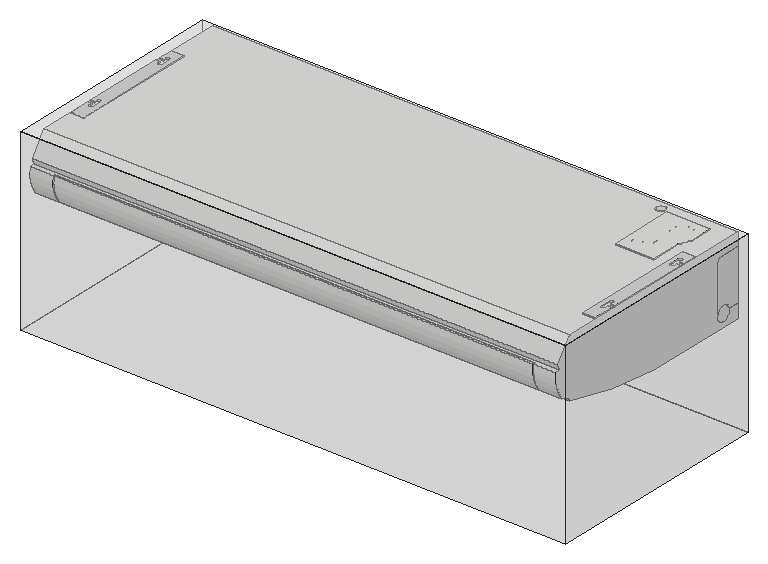
Revit family "outputfile", category 機械設備, Revit 2024
Family settings
  丸型コネクタ寸法 = 半径を使用
  パーツ タイプ = 標準
  OmniClass 番号 = 23.75.10.24.21.27.27
  OmniClass タイトル = Split System Air Conditioning Units
  作業面ベース = いいえ
  常に垂直 = はい
  ロード時にボイドで切り取り = いいえ
  注釈の向きを維持 = いいえ
  共有 = いいえ
  部屋計算ポイント = はい
Parameters (values of type "FHA85BVMA")
  Description = ""
  製造元 = "Daikin"
  書き出し IFC クラス(タイプ) = "IfcUnitaryEquipmentType"
  定義済み IFC タイプ(タイプ) = "AIRCONDITIONINGUNIT"
  Cost = 0
  モデル = "FHA85BVMA"
  Type Comments = ""
  Keynote = ""
  Type Image = (empty or 0)
  Assembly Code = ""
  switch_frequency = yes
  r_Liquid Pipe Size = Liquid Pipe Size / 2  # 4.75 mm
  r_Gas Pipe Size = Gas Pipe Size / 2  # 7.95 mm
  r_Drain Pipe Size = Drain Pipe Size / 2  # 10.0 mm
  l_powersupply [instance] = if(Rear Right Connection_powersupply, 29.0 mm, 175.0 mm)  # 29.0 mm
  h_mountinghole = 2.0 mm  # constant formula
  connector_voltage = Voltage_50Hz  # 230 V
  connector_powerinput = [Power Input (Cooling)]  # 2.510 kW
  connector_phase = Phase_50Hz  # 1
  angle_vertical_powersupply [instance] = if(Rear Right Connection_powersupply, 90.00°, 180.00°)  # 90.00°
  angle_vertical_drainpipe [instance] = if(or(Left Connection_drainpipe, Right Connection_drainpipe), 90.00°, if(Top Connection_drainpipe, 180.00°, -90.00°))  # -90.00°
  angle_horizontal_powersupply [instance] = if(Rear Right Connection_powersupply, 180.00°, 0.00°)  # 180.00°
  angle_horizontal_drainpipe [instance] = if(Right Connection_drainpipe, 90.00°, if(Left Connection_drainpipe, -90.00°, 0.00°))  # 0.00°
  Voltage_comment_60Hz = "220-230"
  Voltage_comment_50Hz = "220 - 240"
  Voltage_60Hz = 220 V
  Voltage_50Hz = 230 V
  URL = ""
  Total Heating Capacity [instance] = 0.000 kW
  Top Connection_refrigerant [instance] = no
  Top Connection_powersupply [instance] = not(Rear Right Connection_powersupply)  # no
  Right Connection_refrigerant [instance] = no
  Rear Right Connection_refrigerant [instance] = yes
  Power Input (Heating) = 2.750 kW
  Phase_60Hz = 1
  Phase_50Hz = 1
  Nominal Heating Capacity = 10.000 kW
  Minimum Circuit Amps_60Hz = 0.0 A
  Minimum Circuit Amps_50Hz = 0.0 A
  Maximum Fuse Amps_60Hz = 0.0 A
  Maximum Fuse Amps_50Hz = 0.0 A
  Material_Casing = DAIKIN_White_Casing_indoorunit
  lw_powersupply [instance] = if(Rear Right Connection_powersupply, 220.0 mm, 210.0 mm)  # 220.0 mm
  lw_mountinghole_pitch = Width - 40.0 mm  # 1550.0 mm
  lw_mountinghole = 20.0 mm  # constant formula
  lw_liquidpipe [instance] = if(Right Connection_refrigerant, 156.0 mm, if(Top Connection_refrigerant, 156.0 mm, 136.0 mm))  # 136.0 mm
  lw_gaspipe = 105.0 mm  # constant formula
  lw_drainpipe [instance] = if(Top Connection_drainpipe, 102.0 mm, if(Width = 960.0 mm, if(or(Left Connection_drainpipe, Rear Left Connection_drainpipe), 884.0 mm, 83.0 mm), if(Width = 1270.0 mm, if(or(Left Connection_drainpipe, Rear Left Connection_drainpipe), 1194.0 mm, 83.0 mm), if(Width = 1590.0 mm, if(or(Left Connection_drainpipe, Rear Left Connection_drainpipe), 1514.0 mm, 83.0 mm), 83.0 mm))))  # 83.0 mm
  lh_powersupply = 175.0 mm  # constant formula
  lh_liquidpipe [instance] = if(Rear Right Connection_refrigerant, 160.0 mm, 131.0 mm)  # 160.0 mm
  lh_gaspipe [instance] = if(Rear Right Connection_refrigerant, 150.0 mm, 91.0 mm)  # 150.0 mm
  lh_drainpipe = 197.0 mm  # constant formula
  l_antena = 1.0 mm  # constant formula
  ld_powersupply = 30.0 mm  # constant formula
  ld_mountinghole_pitch = 260.0 mm  # constant formula
  ld_mountinghole = 210.0 mm  # constant formula
  ld_liquidpipe [instance] = if(Right Connection_refrigerant, 57.0 mm, if(Top Connection_refrigerant, 189.0 mm, 221.0 mm))  # 221.0 mm
  ld_gaspipe [instance] = if(Right Connection_refrigerant, 57.0 mm, if(Top Connection_refrigerant, 163.0 mm, 214.0 mm))  # 214.0 mm
  ld_drainpipe [instance] = if(or(Left Connection_drainpipe, Right Connection_drainpipe), 57.0 mm, if(Top Connection_drainpipe, 87.0 mm, 268.0 mm))  # 268.0 mm
  l_liquidpipe_length [instance] = if(Right Connection_refrigerant, 156.0 mm, if(Top Connection_refrigerant, 131.0 mm, 220.0 mm))  # 220.0 mm
  l_gaspipe_length [instance] = if(Right Connection_refrigerant, 105.0 mm, if(Top Connection_refrigerant, 91.0 mm, 213.0 mm))  # 213.0 mm
  l_drainpipe_length [instance] = if(Right Connection_drainpipe, 83.0 mm, if(Top Connection_drainpipe, 197.0 mm, if(Left Connection_drainpipe, 76.0 mm, 267.0 mm)))  # 267.0 mm
  h*** = 0.0 mm  # constant formula
  angle_vertical [instance] = if(Right Connection_refrigerant, 90.00°, if(Top Connection_refrigerant, 180.00°, -90.00°))  # -90.00°
  angle_horizontal [instance] = if(Right Connection_refrigerant, 90.00°, 0.00°)  # 0.00°
  Width = 1590.0 mm
  Version = "ver.1.0"
  Unit Type = "Ceiling"
  Unit Mass Weight = 38.00 kg
  Unit Designation [instance] = ""
  Uniclass2015Version = "Products v1.30"
  Uniclass2015Title = "Split coil room air conditioning units"
  Uniclass2015Code = "Pr_70_65_03_86"
  Total Cooling Capacity [instance] = 0.000 kW
  Top Connection_drainpipe [instance] = no
  Sound Pressure Level_M speed (dBA) = 38
  Sound Pressure Level_L speed (dBA) = 34
  Sound Pressure Level_H speed (dBA) = 42
  Series = "SkyAir_Fan Coil Unit"
  Sensible Cooling Capacity [instance] = 0.000 kW
  Rear Right Connection_drainpipe [instance] = yes
  Rear Right Connection_powersupply [instance] = yes
  Right Connection_drainpipe [instance] = no
  Refrigerant Type = "R32"
  Power Input (Cooling) = 2.510 kW
  Option Accessory 3 [instance] = ""
  Option Accessory 2 [instance] = ""
  Option Accessory 1 [instance] = ""
  Nominal Cooling Capacity = 8.500 kW
  Minimum Airflow = 1200.00 m³/h
  Median Airflow = 1440.00 m³/h
  Maximum Airflow = 1680.00 m³/h
  Load Classification = HVAC
  Liquid Pipe Size = 9.5 mm
  Link_Nested Family [instance] = ""
  Rear Left Connection_drainpipe [instance] = no
  Left Connection_drainpipe [instance] = no
  IfcVersion = ""
  IfcExportType = "AIRCONDITIONINGUNIT"
  IfcExportAs = "IfcUnitaryEquipmentType"
  Height = 235.0 mm
  Heating Entering Wet Bulb Temperature [instance] = -273.15 °C
  Heating Entering Dry Bulb Temperature [instance] = -273.15 °C
  Heating Ambient Wet Bulb Temperature [instance] = -273.15 °C
  Heating Ambient Dry Bulb Temperature [instance] = -273.15 °C
  Heat Exchanger Type = "Cross Fin Coil"
  Gas Pipe Size = 15.9 mm
  Frequency_60Hz = 60 Hz
  Frequency_50Hz = 50 Hz
  Fan Type = "Sirocco Fan"
  Fan Drive = "-"
  FCU Tag No. [instance] = ""
  Drain Pipe Size = 20.0 mm
  Design Supply Airflow [instance] = 0.00 m³/h
  Design Outdoor Airflow [instance] = 0.00 m³/h
  Depth = 690.0 mm
  既定の高さ = 0.0 mm
  Cooling Entering Wet Bulb Temperature [instance] = 0.00 °C
  Cooling Entering Dry Bulb Temperature [instance] = 0.00 °C
  Cooling Ambient Wet Bulb Temperature [instance] = 0.00 °C
  Cooling Ambient Dry Bulb Temperature [instance] = 0.00 °C
  Clearance visibility [instance] = yes
  Clearance Top = 5.0 mm
  Clearance Right = 30.0 mm
  Clearance Rear = 0.0 mm
  Clearance Left = 30.0 mm
  Clearance Front = 0.0 mm
  Clearance Bottom = 300.0 mm
Reference planes
  plane 1 "Back": y = 0
  plane 2: z = 0
  plane 3 "Center (Left/Right)": x = 0
  plane 4 "Center (Front/Back)": y = -1
  plane 5 "Front": y = -690
  plane 6 "Left": x = -795
  plane 7 "Right": x = 795
  plane 8 "Top": z = 0
  plane 9 "Bottom": z = -235
  plane 10: y = -690
  plane 11: x = -825
  plane 12: x = 825
  plane 13: z = 5
  plane 14: z = -535
  plane 15: y = 0
  plane 16 "lw_mountinghole": x = -775
  plane 17 "lw_mountinghole2": x = 775
  plane 18 "ld_mountinghole": y = -210
  plane 19 "ld_mountinghole2": y = -470
  plane 20 "lw_gaspipe": x = 690
  plane 21 "ld_gaspipe": y = -214
  plane 22 "lh_gaspipe": z = -150
  plane 23 "lw_liquidpipe": x = 659
  plane 24 "ld_liquidpipe": y = -221
  plane 25 "lh_liquidpipe": z = -160
  plane 26 "ld_drainpipe": y = -268
  plane 27 "lw_drainpipe": x = 712
  plane 28 "lh_drainpipe": z = -197
  plane 29 "lw_powersupply": x = 575
  plane 30 "lh_powersupply": z = -175
  plane 31 "ld_powersupply": y = -30
  plane 32: x = -725.5
  plane 33: x = 725.5
  plane 34: x = -750
  plane 35: x = 750
  plane 36: x = -2
  plane 37: x = 2
Forms (mm)
  Extrusion 1, solid, material "DAIKIN_White_Casing_indoorunit" <- "Material_Casing"
    sketch origin (0, 0, 0) x (0, 1, 0) y (0, 0, 1)
      loop
        line (-639.277, 0) -> (-680.876, -61.699) -> (-675.026, -77.772)
        arc (-675.026, -77.772) -> (-681.815, -78.743) -> (-688.601, -79.732) r 2634.132
        arc (-688.601, -79.732) -> (-687.018, -121.096) -> (-669.159, -158.439) r 102.2
        line (-669.159, -158.439) -> (-639.858, -169.325) -> (-635.895, -178.261)
        arc (-635.895, -178.261) -> (-479.121, -215.759) -> (-319.077, -235) r 1400.997
        line (-319.077, -235) -> (-1, -235) -> (-1, 0) -> (-639.277, 0)
    from -795 to 795
  Extrusion 2, solid, material "DAIKIN_White_Casing_indoorunit" <- "Material_Casing"
    sketch origin (0, 0, 0) x (0, 1, 0) y (0, 0, 1)
      loop
        arc (-688.601, -79.732) -> (-687.018, -121.096) -> (-669.159, -158.439) r 102.2
        line (-669.159, -158.439) -> (-665.589, -154.869)
        arc (-665.589, -154.869) -> (-682.432, -118.783) -> (-683.39, -78.971) r 97.2
        arc (-683.39, -78.971) -> (-685.996, -79.351) -> (-688.601, -79.732) r 2634.132
    from -725.5 to 725.5
  Extrusion 3, void
    sketch origin (0, 0, 0) x (0, 1, 0) y (0, 0, 1)
      loop
        line (-301.098, -235) -> (-21.098, -235) -> (-21.098, -230) -> (-301.098, -230) -> (-301.098, -235)
    from -750 to 750
  Extrusion 4, solid, material "DAIKIN_White_Grille_indoorunit"
    sketch origin (0, 0, 0) x (0, 1, 0) y (0, 0, 1)
      loop
        line (-20.098, -230) -> (-301.098, -230) -> (-301.098, -235) -> (-20.098, -235) -> (-20.098, -230)
    from -750 to -2
  Extrusion 5, solid, material "DAIKIN_White_Casing_indoorunit" <- "Material_Casing"
    sketch origin (0, 0, 0) x (1, 0, 0) y (0, 0, 1)
      loop
        line (602, -63) -> (602, -178) -> (673, -220) -> (736, -220) -> (736, -63) -> (602, -63)
    from 0 to 1
  Extrusion 6, solid, material "DAIKIN_White_Casing_indoorunit" <- "Material_Casing"
    sketch origin (0, 0, 0) x (-1, 0, 0) y (0, -1, 0)
      loop
        line (-607, 35) -> (-607, 230) -> (-723, 230) -> (-723, 135) -> (-738, 105) -> (-738, 35) -> (-607, 35)
    from 0 to 1.9
  Extrusion 7, void
    sketch origin (795, 0, 0) x (0, 1, 0) y (0, 0, 1)
      loop
        arc (-79.5, -197) -> (-55.446, -219.446) -> (-34.715, -193.9) r 22.5
        line (-34.715, -193.9) -> (-1, -193.9) -> (-1, -192.1) -> (-35.04, -192.1)
        arc (-35.04, -192.1) -> (-54.942, -174.594) -> (-77.7, -188.182) r 22.5
        line (-77.7, -188.182) -> (-77.7, -45)
        arc (-77.7, -45) -> (-76.528, -42.172) -> (-73.7, -41) r 4
        line (-73.7, -41) -> (-1, -41) -> (-1, -39.2) -> (-73.7, -39.2)
        arc (-73.7, -39.2) -> (-77.801, -40.899) -> (-79.5, -45) r 5.8
        line (-79.5, -45) -> (-79.5, -197)
      loop
        circle (-57, -197) r 20.7
    from 0 to -10
  Extrusion 8, void
    sketch origin (-1444.026, -1, 1200) x (1, 0, 0) y (0, 0, 1)
      loop
        arc (715.026, -1375) -> (704.42, -1379.393) -> (700.026, -1390) r 15
        line (700.026, -1390) -> (700.026, -1400)
        arc (700.026, -1400) -> (704.42, -1410.607) -> (715.026, -1415) r 15
        line (715.026, -1415) -> (745.026, -1415)
        arc (745.026, -1415) -> (755.633, -1410.607) -> (760.026, -1400) r 15
        line (760.026, -1400) -> (760.026, -1390)
        arc (760.026, -1390) -> (755.633, -1379.393) -> (745.026, -1375) r 15
        line (745.026, -1375) -> (715.026, -1375)
    from 0 to 10
  Extrusion 9, void
    sketch origin (-795, 0, 0) x (0, 1, 0) y (0, 0, 1)
      loop
        circle (-57, -197) r 22.5
    from 0 to 10
  Extrusion 10, void
    sketch origin (-1444.026, -1, 1200) x (1, 0, 0) y (0, 0, 1)
      loop
        circle (2136.026, -1375) r 44
    from 0 to 10
  Extrusion 11, void
    sketch origin (0, 0, 0) x (-1, 0, 0) y (0, -1, 0)
      loop
        circle (-693, 87) r 30
    from 0 to -10
  Extrusion 12, void
    sketch origin (0, 0, 0) x (-1, 0, 0) y (0, -1, 0)
      loop
        circle (-690, 163) r 18
    from 0 to -10
  Extrusion 13, void
    sketch origin (0, 0, 0) x (-1, 0, 0) y (0, -1, 0)
      loop
        circle (-639, 189) r 13
    from 0 to -10
  Extrusion 14, void
    sketch origin (-1444.026, -1, 1200) x (1, 0, 0) y (0, 0, 1)
      loop
        circle (2019.026, -1375) r 14.5
    from 0 to 10
  Extrusion 15, void
    sketch origin (0, 0, 0) x (-1, 0, 0) y (0, -1, 0)
      loop
        circle (-585, 30) r 14.5
    from 0 to -10
  Extrusion 16, void
    sketch origin (795, 0, 0) x (0, 1, 0) y (0, 0, 1)
      loop
        arc (-665.589, -154.869) -> (-682.432, -118.783) -> (-683.39, -78.971) r 97.2
        arc (-683.39, -78.971) -> (-685.996, -79.351) -> (-688.601, -79.732) r 2634.132
        arc (-688.601, -79.732) -> (-687.018, -121.096) -> (-669.159, -158.439) r 102.2
        line (-669.159, -158.439) -> (-665.589, -154.869)
    from -69.5 to -1520.5
  Extrusion 17, solid, material "DAIKIN_White_Casing_indoorunit" <- "Material_Casing"
    sketch origin (-795, 0, 0) x (0, 1, 0) y (0, 0, 1)
      loop
        circle (-57, -197) r 22.5
    from 0 to 10
  Extrusion 18, solid, material "DAIKIN_White_Grille_indoorunit"
    sketch origin (780, 0, 0) x (0, 1, 0) y (0, 0, 1)
      loop
        line (-20.098, -230) -> (-301.098, -230) -> (-301.098, -235) -> (-20.098, -235) -> (-20.098, -230)
    from -782 to -778
  Extrusion 19, solid, material "DAIKIN_White_Grille_indoorunit"
    sketch origin (0, 0, 0) x (0, 1, 0) y (0, 0, -1)
      loop
        line (-20.098, 230) -> (-20.098, 235) -> (-301.098, 235) -> (-301.098, 230) -> (-20.098, 230)
    from -750 to -2
Cuts and joins
  Extrusion 3, Extrusion 7, Extrusion 8, Extrusion 9, Extrusion 10, Extrusion 11, Extrusion 12, Extrusion 13, Extrusion 14, Extrusion 15, Extrusion 16 cuts Extrusion 1
Lines and regions (mm)
  reference lines
    curve 1: line (795, -580.282, -192.75) -> (795, -551.225, -200.21)
Dimensions and locks
  equal spacing: plane 6 "Left", plane 3 "Center (Left/Right)", plane 7 "Right"
  "Width": plane 6 "Left" to plane 7 "Right"
  "Depth": plane 5 "Front" to plane 1 "Back"
  "Height": plane 8 "Top" to plane 9 "Bottom"
  "Clearance Front": plane 10 to plane 5 "Front"
  "Clearance Left": plane 11 to plane 6 "Left"
  "Clearance Right": plane 7 "Right" to plane 12
  "Clearance Top": plane 13 to plane 8 "Top"
  "Clearance Bottom": plane 9 "Bottom" to plane 14
  "Clearance Rear": plane 1 "Back" to plane 15
  locked: plane 4 "Center (Front/Back)" to plane 1 "Back" at 1
  locked: Extrusion 1 sketch curve to Extrusion 1 sketch curve at 235
  locked: Extrusion 1 sketch curve to Extrusion 1 sketch curve at 318.077
  locked: Extrusion 1 sketch curve to Extrusion 1 sketch curve at 1163.297
  locked: Extrusion 1 sketch curve to Extrusion 1 sketch curve at 231.144
  Extrusion 3 sketch curve to Extrusion 3 sketch curve to plane 1 "Back" = 280.0 mm locked, 21.098 mm locked
  "ld_mountinghole": plane 18 "ld_mountinghole" to plane 1 "Back"
  "ld_mountinghole_pitch": plane 18 "ld_mountinghole" to plane 19 "ld_mountinghole2"
  "lw_mountinghole_pitch": plane 16 "lw_mountinghole" to plane 17 "lw_mountinghole2"
  "lw_mountinghole": plane 6 "Left" to plane 16 "lw_mountinghole"
  "lw_gaspipe": plane 20 "lw_gaspipe" to plane 7 "Right"
  "ld_gaspipe": plane 1 "Back" to plane 21 "ld_gaspipe"
  "lw_liquidpipe": plane 23 "lw_liquidpipe" to plane 7 "Right"
  "ld_liquidpipe": plane 1 "Back" to plane 24 "ld_liquidpipe"
  "lw_drainpipe": plane 27 "lw_drainpipe" to plane 7 "Right"
  "ld_drainpipe": plane 26 "ld_drainpipe" to plane 1 "Back"
  plane 8 "Top" to Extrusion 5 sketch curve to Extrusion 5 sketch curve = 63.0 mm locked, 157.0 mm locked
  plane 7 "Right" to Extrusion 5 sketch curve to Extrusion 5 sketch curve = 59.0 mm locked, 134.0 mm locked
  locked: Extrusion 5 sketch curve to Extrusion 5 sketch curve at 115
  locked: Extrusion 5 sketch curve to Extrusion 5 sketch curve at 63
  locked: Extrusion 6 sketch curve to Extrusion 6 sketch curve at 195
  locked: Extrusion 6 sketch curve to Extrusion 6 sketch curve at 116
  locked: Extrusion 6 sketch curve to Extrusion 6 sketch curve at 131
  locked: Extrusion 6 sketch curve to Extrusion 6 sketch curve at 100
  locked: Extrusion 6 sketch curve to plane 1 "Back" at 35
  locked: Extrusion 6 sketch curve to plane 7 "Right" at 57
  locked: Extrusion 8 sketch curve to Extrusion 8 sketch curve at 40
  locked: Extrusion 8 sketch curve to Extrusion 8 sketch curve at 60
  locked: plane 8 "Top" to Extrusion 8 sketch curve at 175
  locked: Extrusion 8 sketch curve to plane 6 "Left" at 51
  locked: plane 7 "Right" to Extrusion 10 sketch curve at 103
  locked: plane 8 "Top" to Extrusion 10 sketch curve at 175
  locked: Extrusion 11 sketch curve to plane 1 "Back" at 87
  locked: Extrusion 11 sketch curve to plane 7 "Right" at 102
  locked: Extrusion 12 sketch curve to plane 1 "Back" at 163
  locked: Extrusion 12 sketch curve to plane 7 "Right" at 105
  locked: Extrusion 13 sketch curve to plane 1 "Back" at 189
  locked: Extrusion 13 sketch curve to plane 7 "Right" at 156
  "lw_powersupply": plane 29 "lw_powersupply" to plane 7 "Right"
  "lh_gaspipe": plane 8 "Top" to plane 22 "lh_gaspipe"
  "lh_liquidpipe": plane 8 "Top" to plane 25 "lh_liquidpipe"
  "lh_powersupply": plane 8 "Top" to plane 30 "lh_powersupply"
  "lh_drainpipe": plane 8 "Top" to plane 28 "lh_drainpipe"
  "ld_powersupply": plane 1 "Back" to plane 31 "ld_powersupply"
  locked: plane 8 "Top" to Extrusion 7 sketch curve at 197
  locked: Extrusion 7 sketch curve to plane 1 "Back" at 57
  locked: plane 9 "Bottom" to Extrusion 7 sketch curve at 41.1
  locked: Extrusion 7 sketch curve to plane 8 "Top" at 41
  locked: Extrusion 7 sketch curve to plane 1 "Back" at 79.5
  locked: Extrusion 9 sketch curve to plane 1 "Back" at 57
  locked: plane 8 "Top" to Extrusion 9 sketch curve at 197
  locked: Extrusion 17 sketch curve to plane 1 "Back" at 57
  locked: plane 8 "Top" to Extrusion 17 sketch curve at 197
  locked: plane 7 "Right" to Extrusion 14 sketch curve at 220
  locked: plane 8 "Top" to Extrusion 14 sketch curve at 175
  locked: Extrusion 15 sketch curve to plane 7 "Right" at 210
  locked: Extrusion 15 sketch curve to plane 1 "Back" at 30
  locked: curve 1 to plane 9 "Bottom" at 34.79
  locked: curve 1 to plane 9 "Bottom" at 42.25
  locked: plane 6 "Left" to plane 32 at 69.5
  locked: plane 33 to plane 7 "Right" at 69.5
  locked: plane 35 to plane 7 "Right" at 45
  locked: plane 6 "Left" to plane 34 at 45
  plane 36 to plane 3 "Center (Left/Right)" to plane 37 = 2.0 mm locked, 2.0 mm locked
  locked: curve 1 to plane 9 "Bottom" (angle 14.40°)
  aligned and locked: level to plane 2
  aligned and locked: nested 1 to plane 11
  aligned and locked: nested 1 to plane 12
  aligned and locked: nested 1 to plane 10
  aligned and locked: plane 13 to nested 1
  aligned and locked: plane 14 to nested 1
  aligned and locked: plane 15 to nested 1
  aligned and locked: Extrusion 1 sketch curve to plane 8 "Top"
  aligned and locked: Extrusion 2 sketch curve to Extrusion 1  (x2)
  aligned and locked: plane 7 "Right" to Extrusion 1
  aligned and locked: Extrusion 1 to plane 6 "Left"
  aligned and locked: cut or joined group 1 (Extrusion 1, Extrusion 3, Extrusion 7, Extrusion 8, Extrusion 9, Extrusion 10, Extrusion 11, Extrusion 12, Extrusion 13, Extrusion 14, Extrusion 15, Extrusion 16) to Extrusion 3 sketch curve
  aligned and locked: cut or joined group 1 to Extrusion 4 sketch curve
  aligned and locked: Extrusion 5 to plane 4 "Center (Front/Back)"
  aligned and locked: Extrusion 7 sketch curve to plane 4 "Center (Front/Back)"
  aligned and locked: Extrusion 16 sketch curve to Extrusion 2  (x4)
  aligned and locked: Extrusion 16 to Extrusion 2  (x2)
  aligned and locked: nested 2 to plane 26 "ld_drainpipe"
  aligned and locked: plane 27 "lw_drainpipe" to nested 2
  aligned and locked: plane 20 "lw_gaspipe" to nested 3
  aligned and locked: nested 3 to plane 21 "ld_gaspipe"
  aligned and locked: plane 23 "lw_liquidpipe" to nested 4
  aligned and locked: nested 4 to plane 24 "ld_liquidpipe"
  aligned and locked: plane 25 "lh_liquidpipe" to nested 4
  aligned and locked: nested 5 to plane 31 "ld_powersupply"
  aligned and locked: plane 29 "lw_powersupply" to nested 5
  aligned and locked: nested 7 to plane 18 "ld_mountinghole"
  aligned and locked: plane 16 "lw_mountinghole" to nested 7
  aligned and locked: nested 6 to plane 19 "ld_mountinghole2"
  aligned and locked: plane 16 "lw_mountinghole" to nested 6
  aligned and locked: nested 9 to plane 18 "ld_mountinghole"
  aligned and locked: plane 17 "lw_mountinghole2" to nested 9
  aligned and locked: plane 17 "lw_mountinghole2" to nested 8
  aligned and locked: nested 8 to plane 19 "ld_mountinghole2"
  aligned and locked: nested 10 to curve 1
  aligned and locked: level to plane 8 "Top"
  aligned and locked: cut or joined group 1 to plane 32
  aligned and locked: plane 33 to cut or joined group 1
  aligned and locked: Extrusion 16 to plane 32
  aligned and locked: plane 33 to Extrusion 16
  aligned and locked: Extrusion 4 to plane 34
  aligned and locked: cut or joined group 1 to plane 34
  aligned and locked: plane 34 to Extrusion 4  (x3)
  aligned and locked: plane 16 "lw_mountinghole" to nested 11
  aligned and locked: plane 17 "lw_mountinghole2" to nested 12
  aligned and locked: plane 36 to Extrusion 4
  aligned and locked: Extrusion 18 to plane 36
  aligned and locked: plane 37 to Extrusion 18
  aligned and locked: Extrusion 19 to plane 37
  aligned and locked: plane 37 to Extrusion 19
  aligned and locked: plane 35 to Extrusion 19
  aligned and locked: plane 35 to Extrusion 3
  aligned and locked: Extrusion 4 to cut or joined group 1
  aligned and locked: cut or joined group 1 to Extrusion 18
  aligned and locked: cut or joined group 1 to Extrusion 19
Automatic sketch dimensions
  Extrusion 1 sketch curve to plane 4 "Center (Front/Back)" = 0.0 mm
  Extrusion 1 sketch curve to plane 5 "Front" = 102.2 mm
  Extrusion 1 sketch curve to plane 30 "lh_powersupply" = 3.261 mm
  Extrusion 1 sketch curve to plane 5 "Front" = 50.723 mm
  plane 30 "lh_powersupply" to Extrusion 1 sketch curve = 5.675 mm
  Extrusion 1 sketch curve to Extrusion 1 sketch curve = 3.963 mm
  plane 25 "lh_liquidpipe" to Extrusion 1 sketch curve = 1.561 mm
  Extrusion 1 sketch curve to plane 5 "Front" = 20.841 mm
  Extrusion 1 sketch curve to plane 5 "Front" = 14.974 mm
  Extrusion 1 sketch curve to plane 5 "Front" = 9.124 mm
  Extrusion 1 sketch curve to plane 26 "ld_drainpipe" = 37.278 mm
  Extrusion 1 sketch curve to plane 14 = 2150.825 mm
  plane 22 "lh_gaspipe" to Extrusion 1 sketch curve = 53.413 mm
  Extrusion 1 sketch curve to level = 77.772 mm
  Extrusion 1 sketch curve to Extrusion 1 sketch curve = 16.072 mm
  Extrusion 2 sketch curve to Extrusion 2 sketch curve = 0.0 mm  (x2)
  plane 25 "lh_liquidpipe" to Extrusion 2 sketch curve = 1.561 mm
  Extrusion 2 sketch curve to plane 22 "lh_gaspipe" = 4.869 mm
  Extrusion 2 sketch curve to Extrusion 2 sketch curve = 3.57 mm
  Extrusion 3 sketch curve to Extrusion 3 sketch curve = 5.0 mm
  plane 31 "ld_powersupply" to Extrusion 4 sketch curve = 9.902 mm
  Extrusion 4 sketch curve to Extrusion 4 sketch curve = 5.0 mm
  Extrusion 6 sketch curve to Extrusion 6 sketch curve = 30.0 mm
  Extrusion 7 sketch curve to Extrusion 7 sketch curve = 0.0 mm  (x6)
  Extrusion 7 sketch curve to plane 4 "Center (Front/Back)" = 0.0 mm
  Extrusion 7 sketch curve to Extrusion 7 sketch curve = 1.8 mm  (x2)
  Extrusion 7 sketch curve to Extrusion 7 sketch curve = 4.0 mm
  Extrusion 7 sketch curve to Extrusion 7 sketch curve = 0.325 mm
  Extrusion 8 sketch curve to plane 32 = 3.5 mm  (x2)
  Extrusion 8 sketch curve to plane 28 "lh_drainpipe" = 3.0 mm
  Extrusion 8 sketch curve to Extrusion 8 sketch curve = 15.0 mm
  curve 1 to plane 5 "Front" = 109.718 mm
  Extrusion 18 sketch curve to plane 9 "Bottom" = 0.0 mm
  plane 9 "Bottom" to Extrusion 18 sketch curve = 5.0 mm
  Extrusion 18 sketch curve to plane 26 "ld_drainpipe" = 33.098 mm
  plane 31 "ld_powersupply" to Extrusion 18 sketch curve = 9.902 mm
  Extrusion 19 sketch curve to plane 9 "Bottom" = 0.0 mm
  plane 9 "Bottom" to Extrusion 19 sketch curve = 5.0 mm
  Extrusion 19 sketch curve to plane 26 "ld_drainpipe" = 33.098 mm
  plane 31 "ld_powersupply" to Extrusion 19 sketch curve = 9.902 mm
  Extrusion 4 sketch curve to plane 26 "ld_drainpipe" = 33.098 mm
  radius of Extrusion 7 sketch curve = 20.7 mm
  radius of Extrusion 9 sketch curve = 22.5 mm
  radius of Extrusion 10 sketch curve = 44.0 mm
  radius of Extrusion 11 sketch curve = 30.0 mm
  radius of Extrusion 12 sketch curve = 18.0 mm
  radius of Extrusion 13 sketch curve = 13.0 mm
  radius of Extrusion 14 sketch curve = 14.5 mm
  radius of Extrusion 15 sketch curve = 14.5 mm
  radius of Extrusion 17 sketch curve = 22.5 mm
Nested families
  nested 1: "daikin_clearancespace" at (0, -345, -264.881), visible <- "Clearance visibility", show <- "Clearance visibility", Link_Nested Family <- "Link_Nested Family", type "daikin_clearancespace"
    with width 1650.0 mm, show yes, height 540.0 mm, depth 690.0 mm, Link_Nested Family ""
  nested 2: "daikin_connector_rotate3" at (712, -268, -197), radius <- "r_Drain Pipe Size", angle_vertical <- "angle_vertical_drainpipe", angle_horizontal <- "angle_horizontal_drainpipe", length <- "l_drainpipe_length", type "daikin_connector_rotate3"
    with show no, radius 10.0 mm, length 267.0 mm, angle_vertical -90.00°, angle_horizontal 0.00°
  nested 3: "daikin_connector_rotate3" at (690, -214, -150), radius <- "r_Gas Pipe Size", angle_vertical <- "angle_vertical", angle_horizontal <- "angle_horizontal", length <- "l_gaspipe_length", type "daikin_connector_rotate3"
    with show no, radius 7.95 mm, length 213.0 mm, angle_vertical -90.00°, angle_horizontal 0.00°
  nested 4: "daikin_connector_rotate3" at (659, -221, -160), radius <- "r_Liquid Pipe Size", angle_vertical <- "angle_vertical", angle_horizontal <- "angle_horizontal", length <- "l_liquidpipe_length", type "daikin_connector_rotate3"
    with show no, radius 4.75 mm, length 220.0 mm, angle_vertical -90.00°, angle_horizontal 0.00°
  nested 5: "daikin_connector_rotate3" at (575, -30, -175), length <- "l_powersupply", angle_vertical <- "angle_vertical_powersupply", angle_horizontal <- "angle_horizontal_powersupply", type "daikin_connector_rotate3"
    with show no, radius 10.0 mm, length 29.0 mm, angle_vertical 90.00°, angle_horizontal 180.00°
  nested 6: "daikin_mountinghole" at (-775, -470, 0), l_antenna <- "l_antena", Link_Nested Family <- "Link_Nested Family", h_mountinghole <- "h_mountinghole", type "daikin_mountinghole"
    with show yes, l_antenna 1.0 mm, h_mountinghole 2.0 mm, Link_Nested Family ""
  nested 7: "daikin_mountinghole" at (-775, -210, 0), l_antenna <- "l_antena", Link_Nested Family <- "Link_Nested Family", h_mountinghole <- "h_mountinghole", type "daikin_mountinghole"
    with show yes, l_antenna 1.0 mm, h_mountinghole 2.0 mm, Link_Nested Family ""
  nested 8: "daikin_mountinghole" at (775, -470, 0), l_antenna <- "l_antena", Link_Nested Family <- "Link_Nested Family", h_mountinghole <- "h_mountinghole", type "daikin_mountinghole"
    with show yes, l_antenna 1.0 mm, h_mountinghole 2.0 mm, Link_Nested Family ""
  nested 9: "daikin_mountinghole" at (775, -210, 0), Link_Nested Family <- "Link_Nested Family", l_antenna <- "l_antena", h_mountinghole <- "h_mountinghole", type "daikin_mountinghole"
    with show yes, l_antenna 1.0 mm, h_mountinghole 2.0 mm, Link_Nested Family ""
  nested 10: "daikin_logo_plane_w40" at (647.963, -559.801, -198.008) x (1, 0, 0) z (0, -0.2487, -0.9686), type "daikin_logo_plane_w40"
    with show_logo yes
  nested 11: "daikin_hangerfixture_FHA-BVMA" at (-775, 0, 0), type "daikin_hangerfixture_FHA-BVMA"
    with width 38.0 mm, height 2.0 mm, depth 380.0 mm
  nested 12: "daikin_hangerfixture_FHA-BVMA" at (775, 0, 0) x (-1, 0, 0) z (0, 0, 1), type "daikin_hangerfixture_FHA-BVMA"
    with width 38.0 mm, height 2.0 mm, depth 380.0 mm
Connectors
  piping at (712, -1, -197), diameter 20, driven by "r_Drain Pipe Size"
    settings: on nested 2, index 1, connector inside diameter 609.6 mm, connector length 0.0 mm, flow factor 0, pipe flow 0.00 m³/h, pressure drop 0.0 Pa, fitting loss kfactor 0, connector angle 0.00°, fixture units 0, engagement length 0.0 mm, angle of deflection 0.00°, flow configuration 1, flow direction 2, fitting loss method 4, system type 16, joint type 0, gender type 0, connector reference index -1, connector utility 0, adjustable connector no, is connector primary yes, connector description "Condensate Drain Piping"
  piping at (690, -1, -150), diameter 15.9, driven by "r_Gas Pipe Size"
    settings: on nested 3, index 3, connector inside diameter 609.6 mm, connector length 0.0 mm, flow factor 0, pipe flow 0.00 m³/h, pressure drop 0.0 Pa, fitting loss kfactor 0, connector angle 0.00°, fixture units 0, engagement length 0.0 mm, angle of deflection 0.00°, flow configuration 1, flow direction 2, fitting loss method 0, system type 29, joint type 0, gender type 0, connector reference index -1, connector utility 0, adjustable connector no, is connector primary no, connector description "Refrigerant Gas Piping"
  piping at (659, -1, -160), diameter 9.5, driven by "r_Liquid Pipe Size"
    settings: on nested 4, index 4, connector inside diameter 609.6 mm, connector length 0.0 mm, flow factor 0, pipe flow 0.00 m³/h, pressure drop 0.0 Pa, fitting loss kfactor 0, connector angle 0.00°, fixture units 0, engagement length 0.0 mm, angle of deflection 0.00°, flow configuration 1, flow direction 1, fitting loss method 0, system type 29, joint type 0, gender type 0, connector reference index -1, connector utility 0, adjustable connector no, is connector primary no, connector description "Refrigerant Liquid Piping"
  electrical at (575, -1, -175), driven by "Load Classification", driven by "connector_powerinput", driven by "connector_phase", driven by "connector_voltage"
    settings: on nested 5, index 6, voltage 230 V, apparent load 2510 VA, apparent load phase1 0 VA, apparent load phase2 0 VA, apparent load phase3 0 VA, power factor 1, load classification "HVAC", number of poles 1, system type 30, power factor state 1, is connector primary yes, connector utility no, sub classification motor no, connector description "Power Supply"
Definition of nested family "daikin_clearancespace"
  Parameters (values of type "daikin_clearancespace")
    Description = "daikin_clearancespace"
    width [instance] = 1823.963 mm
    show [instance] = yes
    material = none
    height [instance] = 1359.762 mm
    depth [instance] = 880.0 mm
    Default Elevation = 0.0 mm
    Link_Nested Family [instance] = ""
  Reference planes
    plane 1 "Center (Front/Back)": y = 0
    plane 2 "Center (Elevation)": z = -0.119
    plane 3 "Center (Left/Right)": x = 0
    plane 4: y = 440
    plane 5: y = -440
    plane 6 "Right": x = 911.982
    plane 7 "Left": x = -911.982
    plane 8 "Top": z = 679.762
    plane 9 "Bottom": z = -680
  Forms (mm)
    Extrusion 1, solid, material <- "material", visible <- "show"
      sketch origin (0, 0, 0) x (1, 0, 0) y (0, 1, 0)
        loop
          line (-911.982, 440) -> (-911.982, -440) -> (911.982, -440) -> (911.982, 440) -> (-911.982, 440)
      from -680 to 679.762
  Lines and regions (mm)
    symbolic lines, visible <- "show"
      curve 1: line (911.982, 440, 0) -> (-911.982, 440, 0)
      curve 2: line (-911.982, 440, 0) -> (-911.982, -440, 0)
      curve 3: line (-911.982, -440, 0) -> (911.982, -440, 0)
      curve 4: line (911.982, -440, 0) -> (911.982, 440, 0)
      curve 5: line (911.982, 0, 679.762) -> (-911.982, 0, 679.762)
      curve 6: line (911.982, 0, -680) -> (911.982, 0, 679.762)
      curve 7: line (-911.982, 0, -680) -> (911.982, 0, -680)
      curve 8: line (-911.982, 0, 679.762) -> (-911.982, 0, -680)
      curve 9: line (0, 440, 679.762) -> (0, -440, 679.762)
      curve 10: line (0, -440, 679.762) -> (0, -440, -680)
      curve 11: line (0, 440, -680) -> (0, 440, 679.762)
      curve 12: line (0, -440, -680) -> (0, 440, -680)
  Dimensions and locks
    "width": plane 7 "Left" to plane 6 "Right"
    "depth": plane 4 to plane 5
    "height": plane 8 "Top" to plane 9 "Bottom"
    equal spacing: plane 7 "Left", plane 3 "Center (Left/Right)", plane 6 "Right"
    equal spacing: plane 4, plane 1 "Center (Front/Back)", plane 5
    equal spacing: plane 8 "Top", plane 2 "Center (Elevation)", plane 9 "Bottom"
    aligned and locked: level to plane 2 "Center (Elevation)"
    aligned and locked: Extrusion 1 sketch curve to plane 4
    aligned and locked: plane 7 "Left" to Extrusion 1 sketch curve
    aligned and locked: Extrusion 1 sketch curve to plane 5
    aligned and locked: Extrusion 1 sketch curve to plane 6 "Right"
    aligned and locked: plane 8 "Top" to Extrusion 1
    aligned and locked: curve 1 to Extrusion 1
    aligned and locked: curve 2 to Extrusion 1
    aligned and locked: curve 3 to Extrusion 1
    aligned and locked: curve 4 to Extrusion 1
    aligned and locked: curve 5 to Extrusion 1
    aligned and locked: curve 6 to Extrusion 1
    aligned and locked: curve 7 to Extrusion 1
    aligned and locked: curve 8 to Extrusion 1
    aligned and locked: curve 9 to Extrusion 1
    aligned and locked: curve 10 to Extrusion 1
    aligned and locked: curve 11 to Extrusion 1
    aligned and locked: curve 12 to Extrusion 1
    aligned and locked: Extrusion 1 to plane 9 "Bottom"
Definition of nested family "daikin_logo_plane_w40"
  Parameters (values of type "daikin_logo_plane_w40")
    width = 40.0 mm
    show_logo [instance] = yes
    material = none
    height = 0.0 mm
    depth = 0.0 mm
    Default Elevation = 1219.2 mm
  Reference planes
    plane 1 "Center (Front/Back)": y = 0
    plane 2: z = 0
    plane 3 "Center (Left/Right)": x = 0
    plane 4: z = 2
    plane 5 "left": x = -19
    plane 6: x = 19
  Forms (mm)
    Extrusion 1, solid, visible <- "show_logo"
      sketch origin (-19, 0, 0) x (1, 0, 0) y (0, 1, 0)
        loop
          line (8.902, -1.878) -> (7.789, -6.332) -> (11.13, -6.332)
          arc (11.13, -6.332) -> (12.454, -6.064) -> (13.472, -5.176) r 2.642
          arc (13.472, -5.176) -> (13.92, -4.02) -> (13.767, -2.79) r 2.537
          arc (13.767, -2.79) -> (13.452, -2.342) -> (12.982, -2.06) r 1.321
          arc (12.982, -2.06) -> (12.063, -1.902) -> (11.13, -1.878) r 6.479
          line (11.13, -1.878) -> (8.902, -1.878)
        loop
          line (10.016, -5.441) -> (10.907, -5.441)
          arc (10.907, -5.441) -> (11.591, -4.983) -> (11.988, -4.261) r 1.742
          spline (11.988, -4.261) -> (12.01, -4.155) -> (12.027, -4.03) -> (12.037, -3.893) -> (12.037, -3.747) -> (12.026, -3.598) -> (12.002, -3.451) -> (11.962, -3.31) -> (11.905, -3.181) -> (11.829, -3.069) -> (11.731, -2.978) -> (11.61, -2.913) -> (11.464, -2.88)
          line (11.464, -2.88) -> (10.573, -2.88) -> (10.016, -5.441)
        loop
          line (13.58, -6.332) -> (14.805, -6.332) -> (15.223, -5.553) -> (16.977, -5.553) -> (17.144, -6.332) -> (19.149, -6.332) -> (18.258, -1.878) -> (16.03, -1.878) -> (13.58, -6.332)
        loop
          line (16.476, -3.214) -> (15.76, -4.551) -> (16.762, -4.551) -> (16.476, -3.214)
        loop
          line (19.705, -6.332) -> (21.599, -6.332) -> (22.712, -1.878) -> (20.819, -1.878) -> (19.705, -6.332)
        loop
          line (22.712, -6.332) -> (24.606, -6.332) -> (24.908, -5.122) -> (25.831, -6.332) -> (28.17, -6.332) -> (26.388, -3.994) -> (28.949, -1.878) -> (26.945, -1.878) -> (25.401, -3.153) -> (25.719, -1.878) -> (23.826, -1.878) -> (22.712, -6.332)
        loop
          line (29.84, -1.878) -> (28.615, -6.332) -> (30.62, -6.332) -> (31.734, -1.878) -> (29.84, -1.878)
        loop
          line (31.734, -6.332) -> (33.07, -6.332) -> (33.7, -3.814) -> (34.518, -6.332) -> (36.745, -6.332) -> (37.859, -1.878) -> (36.523, -1.878) -> (35.845, -4.589) -> (34.963, -1.878) -> (32.847, -1.878) -> (31.734, -6.332)
      from 0 to 2
    Extrusion 2, solid, visible <- "show_logo"
      sketch origin (-19, 0, 0) x (1, 0, 0) y (0, 1, 0)
        loop
          line (8.7, 0) -> (4.235, 0) -> (0, -3.879) -> (0, -8) -> (8.7, 0)
      from 0 to 2
    Extrusion 3, solid, visible <- "show_logo"
      sketch origin (-19, 0, 0) x (1, 0, 0) y (0, 1, 0)
        loop
          line (0, 0) -> (0, -3.879) -> (4.235, 0) -> (0, 0)
      from 0 to 2
  Dimensions and locks
    plane 4 to plane 2 = 2.0 mm
    equal spacing: plane 5 "left", plane 3 "Center (Left/Right)", plane 6
    locked: plane 5 "left" to plane 6 at 38
    aligned and locked: level to plane 2
    aligned and locked: Extrusion 3 to plane 1 "Center (Front/Back)"  (x2)
    aligned and locked: Extrusion 2 to plane 1 "Center (Front/Back)"  (x2)
    aligned and locked: plane 4 to Extrusion 1
    aligned and locked: plane 4 to Extrusion 3
    aligned and locked: plane 4 to Extrusion 2
    aligned and locked: Extrusion 3 to plane 5 "left"
    aligned and locked: Extrusion 2 to plane 5 "left"
  Automatic sketch dimensions
    Extrusion 1 sketch curve to Extrusion 1 sketch curve = 0.901 mm
    Extrusion 1 sketch curve to Extrusion 1 sketch curve = 1.559 mm
    Extrusion 1 sketch curve to Extrusion 1 sketch curve = 1.327 mm
    Extrusion 1 sketch curve to Extrusion 1 sketch curve = 2.145 mm
    Extrusion 1 sketch curve to Extrusion 1 sketch curve = 1.448 mm
    Extrusion 1 sketch curve to Extrusion 1 sketch curve = 2.116 mm
    Extrusion 1 sketch curve to Extrusion 1 sketch curve = 1.114 mm  (x4)
    Extrusion 1 sketch curve to Extrusion 1 sketch curve = 1.336 mm  (x2)
    plane 1 "Center (Front/Back)" to Extrusion 1 sketch curve = 1.878 mm  (x5)
    Extrusion 1 sketch curve to Extrusion 1 sketch curve = 1.893 mm  (x5)
    Extrusion 1 sketch curve to Extrusion 1 sketch curve = 0.891 mm  (x4)
    Extrusion 1 sketch curve to Extrusion 1 sketch curve = 2.005 mm  (x3)
    Extrusion 1 sketch curve to Extrusion 1 sketch curve = 0.445 mm  (x2)
    plane 1 "Center (Front/Back)" to Extrusion 1 sketch curve = 3.994 mm
    Extrusion 1 sketch curve to Extrusion 1 sketch curve = 0.557 mm  (x2)
    Extrusion 1 sketch curve to Extrusion 1 sketch curve = 2.339 mm  (x2)
    Extrusion 1 sketch curve to Extrusion 1 sketch curve = 1.225 mm  (x3)
    plane 1 "Center (Front/Back)" to Extrusion 1 sketch curve = 3.153 mm
    Extrusion 1 sketch curve to Extrusion 1 sketch curve = 0.987 mm
    plane 1 "Center (Front/Back)" to Extrusion 1 sketch curve = 5.122 mm
    Extrusion 1 sketch curve to Extrusion 1 sketch curve = 0.922 mm
    plane 1 "Center (Front/Back)" to Extrusion 1 sketch curve = 6.332 mm
    Extrusion 1 sketch curve to Extrusion 1 sketch curve = 2.562 mm
    plane 1 "Center (Front/Back)" to Extrusion 1 sketch curve = 5.553 mm
    Extrusion 1 sketch curve to Extrusion 1 sketch curve = 0.167 mm
    Extrusion 1 sketch curve to Extrusion 1 sketch curve = 0.215 mm
    plane 1 "Center (Front/Back)" to Extrusion 1 sketch curve = 3.214 mm
    Extrusion 1 sketch curve to Extrusion 1 sketch curve = 0.286 mm
    plane 1 "Center (Front/Back)" to Extrusion 1 sketch curve = 4.551 mm
    Extrusion 1 sketch curve to Extrusion 1 sketch curve = 1.002 mm
    Extrusion 1 sketch curve to Extrusion 1 sketch curve = 0.537 mm
    Extrusion 1 sketch curve to Extrusion 1 sketch curve = 0.418 mm
    Extrusion 1 sketch curve to Extrusion 1 sketch curve = 1.028 mm
    plane 1 "Center (Front/Back)" to Extrusion 1 sketch curve = 4.261 mm
    Extrusion 1 sketch curve to Extrusion 1 sketch curve = 0.563 mm
    plane 1 "Center (Front/Back)" to Extrusion 1 sketch curve = 2.88 mm
    Extrusion 1 sketch curve to Extrusion 1 sketch curve = 1.088 mm
    Extrusion 1 sketch curve to Extrusion 1 sketch curve = 2.152 mm
    Extrusion 1 sketch curve to Extrusion 1 sketch curve = 0.586 mm
    Extrusion 1 sketch curve to Extrusion 1 sketch curve = 0.118 mm
    Extrusion 1 sketch curve to Extrusion 1 sketch curve = 0.298 mm
    Extrusion 1 sketch curve to Extrusion 1 sketch curve = 0.334 mm
    Extrusion 1 sketch curve to Extrusion 1 sketch curve = 0.223 mm
    Extrusion 1 sketch curve to Extrusion 1 sketch curve = 0.266 mm
    Extrusion 1 sketch curve to Extrusion 1 sketch curve = 1.671 mm
    Extrusion 1 sketch curve to Extrusion 1 sketch curve = 2.227 mm
    Extrusion 1 sketch curve to Extrusion 1 sketch curve = 0.0 mm  (x7)
    Extrusion 1 sketch curve to Extrusion 1 sketch curve = 3.453 mm
    Extrusion 1 sketch curve to Extrusion 1 sketch curve = 2.017 mm
    Extrusion 1 sketch curve to Extrusion 1 sketch curve = 0.78 mm  (x2)
    Extrusion 1 sketch curve to Extrusion 1 sketch curve = 1.743 mm
    Extrusion 1 sketch curve to Extrusion 1 sketch curve = 0.775 mm
    Extrusion 1 sketch curve to Extrusion 1 sketch curve = 0.552 mm
    Extrusion 1 sketch curve to Extrusion 1 sketch curve = 0.014 mm
    Extrusion 1 sketch curve to Extrusion 1 sketch curve = 0.952 mm
    Extrusion 1 sketch curve to Extrusion 1 sketch curve = 1.215 mm
    Extrusion 1 sketch curve to Extrusion 1 sketch curve = 0.108 mm
    plane 1 "Center (Front/Back)" to Extrusion 2 sketch curve = 0.0 mm
    Extrusion 2 sketch curve to plane 3 "Center (Left/Right)" = 19.0 mm
    Extrusion 2 sketch curve to plane 3 "Center (Left/Right)" = 14.765 mm
    Extrusion 2 sketch curve to Extrusion 2 sketch curve = 4.465 mm
    plane 1 "Center (Front/Back)" to Extrusion 2 sketch curve = 3.879 mm
    Extrusion 2 sketch curve to Extrusion 2 sketch curve = 4.12 mm
    plane 1 "Center (Front/Back)" to Extrusion 3 sketch curve = 0.0 mm
    Extrusion 3 sketch curve to plane 3 "Center (Left/Right)" = 19.0 mm
    Extrusion 3 sketch curve to plane 3 "Center (Left/Right)" = 14.765 mm
    plane 1 "Center (Front/Back)" to Extrusion 3 sketch curve = 3.879 mm
    Extrusion 1 sketch curve to plane 3 "Center (Left/Right)" = 11.211 mm
    Extrusion 1 sketch curve to Extrusion 1 sketch curve = 1.782 mm
Definition of nested family "daikin_hangerfixture_FHA-BVMA"
  Parameters (values of type "daikin_hangerfixture_FHA-CV2S")
    width = 44.0 mm
    material = none
    height = 155.0 mm
    depth = 33.0 mm
    Default Elevation = 0.0 mm
  Reference planes
    plane 1 "Center (Front/Back)": y = 0
    plane 2: z = 0
    plane 3 "Center (Left/Right)": x = 0
    plane 4: z = -2.3
    plane 5: z = -155
    plane 6: z = -12
  Forms (mm)
    Extrusion 1, solid
      sketch origin (0, 0, 0) x (1, 0, 0) y (0, 1, 0)
        loop
          line (20, -159) -> (-18, -159) -> (-18, -204) -> (-6, -204) -> (-6, -196)
          arc (-6, -196) -> (0, -190) -> (6, -196) r 6
          line (6, -196) -> (6, -224)
          arc (6, -224) -> (0, -230) -> (-6, -224) r 6
          line (-6, -224) -> (-6, -216) -> (-18, -216) -> (-18, -464) -> (-6, -464) -> (-6, -456)
          arc (-6, -456) -> (0, -450) -> (6, -456) r 6
          line (6, -456) -> (6, -484)
          arc (6, -484) -> (0, -490) -> (-6, -484) r 6
          line (-6, -484) -> (-6, -476) -> (-18, -476) -> (-18, -539) -> (20, -539) -> (20, -159)
      from 0 to 2
  Dimensions and locks
    plane 2 to plane 4 = 2.3 mm
    "height": plane 2 to plane 5
    locked: plane 2 to plane 6 at 12
    aligned and locked: level to plane 2
  Automatic sketch dimensions
    plane 3 "Center (Left/Right)" to Extrusion 1 sketch curve = 20.0 mm
    plane 1 "Center (Front/Back)" to Extrusion 1 sketch curve = 159.0 mm
    Extrusion 1 sketch curve to plane 3 "Center (Left/Right)" = 18.0 mm
    Extrusion 1 sketch curve to Extrusion 1 sketch curve = 380.0 mm
    Extrusion 1 sketch curve to Extrusion 1 sketch curve = 63.0 mm
    Extrusion 1 sketch curve to plane 3 "Center (Left/Right)" = 0.0 mm  (x4)
    plane 3 "Center (Left/Right)" to Extrusion 1 sketch curve = 6.0 mm
    Extrusion 1 sketch curve to Extrusion 1 sketch curve = 8.0 mm  (x4)
    Extrusion 1 sketch curve to Extrusion 1 sketch curve = 20.0 mm  (x2)
    Extrusion 1 sketch curve to Extrusion 1 sketch curve = 0.0 mm  (x2)
    Extrusion 1 sketch curve to Extrusion 1 sketch curve = 57.0 mm
    Extrusion 1 sketch curve to plane 3 "Center (Left/Right)" = 6.0 mm
Definition of nested family "daikin_connector_rotate3"
  Parameters (values of type "daikin_connector_rotate3")
    show [instance] = yes
    radius [instance] = 10.0 mm
    length [instance] = 600.0 mm
    angle_horizontal [instance] = 60.00°
    angle_vertical [instance] = 90.00°
    Default Elevation = 1219.2 mm
  Reference planes
    plane 1 "Center (Front/Back)": y = 0
    plane 2: z = 0
    plane 3 "Center (Left/Right)": x = 0
  Dimensions and locks
    "angle_horizontal": angle plane 3 "Center (Left/Right)" to nested 1
    aligned and locked: level to plane 2
    aligned and locked: plane 1 "Center (Front/Back)" to nested 1  (x2)
    aligned and locked: plane 3 "Center (Left/Right)" to nested 1
  Nested families
    nested 1: "daikin_connector_rotate2" at (0, 0, 0) x (0.5, 0.866, 0) z (0, 0, 1), angle_vertical <- "angle_vertical", length <- "length", radius <- "radius", type "daikin_connector_rotate2"
      with radius 10.0 mm, length 600.0 mm, angle_vertical 90.00°
  Definition of nested family "daikin_connector_rotate2"
    Parameters (values of type "daikin_connector_rotate2")
      show_face = yes
      radius [instance] = 10.0 mm
      length [instance] = 600.0 mm
      d_surface = 10.0 mm
      angle_vertical [instance] = 90.00°
      Default Elevation = 0.0 mm
    Reference planes
      plane 1 "Center (Front/Back)": y = 0
      plane 2: z = 0
      plane 3 "Center (Left/Right)": x = 0
    Forms (mm)
      Extrusion 1, solid, visible <- "show_face"
        sketch origin (0, -600, 0) x (1, 0, 0) y (0, 0, 1)
          loop
            circle (0, 0) r 10
        from 0 to -10
    Lines and regions (mm)
      reference lines
        curve 1: line (0, 0, 0) -> (0, -600, 0)
      symbolic lines
        curve 2: circle (0, 0, 0) r 5 normal (0, 0, 1)
      model lines, visible <- "show_face"
        curve 3: line (0, 0, 0) -> (0, -600, 0)
    Dimensions and locks
      "length": curve 1 to curve 1
      "length": curve 3 to curve 3
      "d_surface": Extrusion 1 to Extrusion 1
      "radius": radius of Extrusion 1 sketch curve
      "angle_vertical": angle curve 1 to plane 1 "Center (Front/Back)"
      "angle_vertical": angle curve 3 to plane 1 "Center (Front/Back)"
      aligned and locked: level to plane 2
      aligned and locked: plane 1 "Center (Front/Back)" to curve 1
      aligned and locked: plane 2 to curve 1
      aligned and locked: plane 1 "Center (Front/Back)" to curve 2
      aligned and locked: plane 3 "Center (Left/Right)" to curve 2
      aligned and locked: plane 1 "Center (Front/Back)" to curve 3
      aligned and locked: plane 2 to curve 3
      aligned and locked: Extrusion 1 to Extrusion 1
    Automatic sketch dimensions
      Extrusion 1 sketch curve to level = 0.0 mm
      Extrusion 1 sketch curve to plane 3 "Center (Left/Right)" = 0.0 mm
      radius of curve 2 = 5.0 mm
Definition of nested family "daikin_mountinghole"
  Parameters (values of type "daikin_mountinghole")
    Default Elevation = 1219.2 mm
    Type Comments = "mountinghole"
    show [instance] = yes
    material = none
    l_centerline = 100.0 mm
    l_antenna [instance] = 100.0 mm
    h_mountinghole [instance] = 0.0 mm
    d_circle = 30.0 mm
    Link_Nested Family [instance] = ""
  Reference planes
    plane 1 "Center (Front/Back)": y = 0
    plane 2: z = 0
    plane 3 "Center (Left/Right)": x = 0
    plane 4: y = 50
    plane 5: x = -50
    plane 6: x = 50
    plane 7: y = -50
    plane 8 "h_mountinghole": z = 0
    plane 9: z = 100
  Lines and regions (mm)
    model lines, detail levels fine
      curve 1: circle (0, 0, 0) r 15 normal (0, 0, 1)
      curve 2: line (-50, 0, 0) -> (50, 0, 0)
      curve 3: line (0, 50, 0) -> (0, -50, 0)
    symbolic lines, detail levels fine
      curve 4: circle (0, 0, 0) r 15 normal (0, 0, 1)
      curve 5: line (-50, 0, 0) -> (50, 0, 0)
      curve 6: line (0, 50, 0) -> (0, -50, 0)
    model lines
      curve 7: line (0, 0, 100) -> (0, 0, 0)
  Dimensions and locks
    equal spacing: plane 4, plane 1 "Center (Front/Back)", plane 7
    "l_centerline": plane 4 to plane 7
    equal spacing: plane 5, plane 3 "Center (Left/Right)", plane 6
    "l_centerline": plane 5 to plane 6
    "l_antenna": plane 9 to plane 8 "h_mountinghole"
    "h_mountinghole": plane 8 "h_mountinghole" to plane 2
    "d_circle": diameter of curve 1
    "d_circle": diameter of curve 4
    aligned and locked: level to plane 2
    aligned and locked: plane 1 "Center (Front/Back)" to curve 1
    aligned and locked: plane 3 "Center (Left/Right)" to curve 1
    aligned and locked: plane 1 "Center (Front/Back)" to curve 2
    aligned and locked: curve 3 to plane 3 "Center (Left/Right)"
    aligned and locked: plane 6 to curve 2
    aligned and locked: plane 5 to curve 2
    aligned and locked: plane 4 to curve 3
    aligned and locked: plane 7 to curve 3
    aligned and locked: plane 1 "Center (Front/Back)" to curve 4
    aligned and locked: plane 3 "Center (Left/Right)" to curve 4
    aligned and locked: plane 6 to curve 5
    aligned and locked: plane 5 to curve 5
    aligned and locked: plane 1 "Center (Front/Back)" to curve 5
    aligned and locked: plane 4 to curve 6
    aligned and locked: plane 7 to curve 6
    aligned and locked: curve 6 to plane 3 "Center (Left/Right)"
    aligned and locked: curve 7 to plane 3 "Center (Left/Right)"
    aligned and locked: plane 9 to curve 7
    aligned and locked: plane 8 "h_mountinghole" to curve 7
